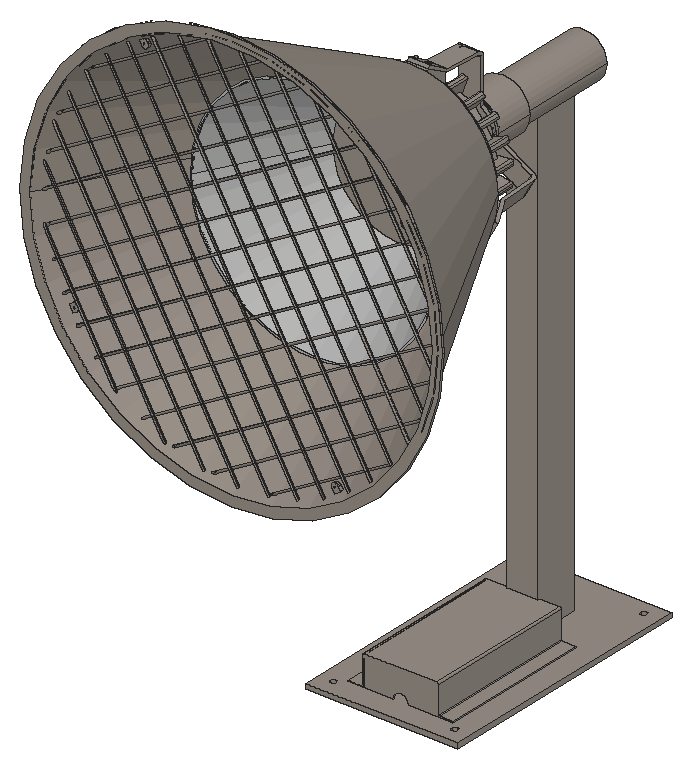
Revit family "Lighting_Wall-Mounted_Zero_City_Wall", category Lighting Fixtures, host Face, Revit 2020
Family settings
  Host = Face
  Round Connector Dimension = Use Diameter
  Part Type = Normal
  OmniClass Number = 23.80.70.00
  OmniClass Title = Lighting
  Cut with Voids When Loaded = No
  Light Source = Yes
  Shared = No
  Room Calculation Point = No
Parameters (values of type "City wall fixture LED 1166LM/18W beige grey")
  Youtube clip = ""
  Weight Net (Kg) = "7.5"
  Wattage = 7.84963 W
  WarrantyStartDate [instance] = "n/a"
  WarrantyGuarantorParts = "n/a"
  WarrantyGuarantorLabor = "n/a"
  WarrantyDurationUnit = "Hours"
  WarrantyDurationParts = "n/a"
  WarrantyDurationLabor = "n/a"
  WarrantyDescription = "n/a"
  built-in parameter 1150110 = 1 (stored number, unit not read)
  VersionDate = "31/08/2023"  # constant formula
  Version = "3"  # constant formula
  UsageCurrent = 0 A
  Uniformat II Description = ""
  Uniformat II Code = ""
  Uniclass2015Reference = "Pr_70_70_48_46"
  Uniclass2015Description = "Light-emitting diode (LED) luminaires"
  Uniclass2 = "Pr_70_70_49_43"
  Uniclass 2015 Name = ""
  Uniclass 2015 Code = ""
  Uniclass 2.0 Description = ""
  Uniclass 2.0 Code = ""
  Uniclass 1.4 Description = ""
  Uniclass 1.4 Code = ""
  URL = "https://www.zerolighting.com/city-1/"
  UNSPSC Code = ""
  TotalWattage = 18 W
  built-in parameter 1114217 = 1 (stored number, unit not read)
  Tilt Angle = 90.00°
  built-in parameter 1150109 = 1 (stored number, unit not read)
  built-in parameter 1150134 = (empty or 0)
  Technical description = ""
  TagNumber [instance] = "n/a"
  SustainabilityPerformance = "n/a"
  built-in parameter 1150113 = 1 (stored number, unit not read)
  Size = "597x912x555 mm"
  Shape = "Sculptured"
  SerialNumber [instance] = "n/a"
  Region South America = "None"
  Region Oceania = "AU, NZ"
  Region North America = "BZ, CR, GT, HN, MX, NI, PA, SV, US"
  Region Middle East = "AE"
  Region Europe = "AD, AL, AT, AX, BA, BE, BG, BY, CH, CY, CZ, DE, DK, EE, ES, FI, FO, FR, GB, GG, GI, GR, HR, HU, IE, IM, IS, IT, JE, LI, LT, LU, LV, MC, MD, ME, MK, MT, NL, NO, PL, PT, RO, RS, RU, SE, SI, SJ, SK, SM, UA, VA"
  Region Asia = "HK, JP, SG"
  Region Antarctica = "None"
  Region Africa = "None"
  Product group = "Wall fixture"
  Product family = "City"
  Product certification = ""
  Product SKU = "City_wall_fixture"
  Product Guid = "ca472281-147d-4245-81fd-3616c7f2952b"
  OmniClass Description = ""
  OmniClass Code = ""
  Nominal width = 555 mm
  Nominal height = 578 mm
  NBS Reference Description = ""
  NBS Reference Code = ""
  Material secondary = "Steel"
  Material main = "Aluminium"
  Masterformat 2014 Description = ""
  Masterformat 2014 Code = ""
  Manufacturer name = ""
  Manufacturer country = "Sweden"
  Installation instructions = ""
  IFC Classification = ""
  GTIN code = ""
  Edition number = 1
  Design country = "Sweden"
  Date of publishing = ""
  ColorTolerance = "SDCM 3"
  Revision = "5"  # constant formula
  ReplacementCost = "n/a"
  ProductInformation = "With its archetypal shape and generous diameter, around half a metre, City has a wide range of applications: outdoor or indoor, enhancing retail environments, industries and public transport."
  ProductDatasheet = "https://www.zerolighting.com/s/City-wall-axpy.pdf"
  Photometric Web File = "City33973.IES"
  PhaseReference = "n/a"
  PhaseAngle = 0.00°
  NumberOfSources = 0
  NumberOfPoles = 1
  NominalVoltageCalc = 230 V
  NominalVoltage = 230 V
  NominalRadius = 0 mm
  NominalFrequencyRange = 50 Hz
  NominalDiameter = 0 mm
  NominalDepth = 597.001 mm
  NominalCurrent = 0 A
  Name = "Zero_City_Wall"  # constant formula
  NBSReference = "90-60-50/405"
  NBSDescription = "General purpose luminaires"
  ModelReference = "3397-3-66"
  ModelNumber = "n/a"
  Model = "City wall fixture LED 1166LM/18W beige grey"
  Material = "Aluminium"
  ManufacturersSpecificInformation = "n/a"
  ManufacturerURL = "https://www.zerolighting.com/"
  ManufacturerName = "ZERO"
  Manufacturer = "Zero"
  MaintenanceFactor = 0
  built-in parameter 1150105 = 925.33 (stored number, unit not read)
  Lumens = 1166 lm
  built-in parameter 1150115 = 1 (stored number, unit not read)
  LightSource = "LED 1166LM/18W"
  LightFixtureSecondaryMaterial = White aluminium
  LightFixturePlacingType = "Wall"
  LightFixtureMountingType = "Surface"
  LightFixtureMainMaterial = Beige aluminium
  built-in parameter 1150137 = (empty or 0)
  built-in parameter 1150139 = (empty or 0)
  Light = "Symmetrical"
  built-in parameter 1150112 = 1 (stored number, unit not read)
  built-in parameter 1150114 = 1 (stored number, unit not read)
  InternalShadeVisibility = yes
  InsulationStandardClass = "n/a"
  InstallationDate [instance] = "n/a"
  built-in parameter 1150132 = 2
  built-in parameter 1150102 = (empty or 0)
  built-in parameter 1150107 = 3000 (stored number, unit not read)
  built-in parameter 1150138 = (empty or 0)
  built-in parameter 1150106 = 9.2533 (stored number, unit not read)
  IfcExportType = "NOTDEFINED"  # constant formula
  IfcExportAs = "IfcLightFixtureType"  # constant formula
  IP_Code = "IP65"
  HasProtectiveEarth = yes
  GridVisibility [instance] = yes
  Grade = "n/a"
  Finish = "Painted aluminum, black (RAL 9005) or beige grey (RAL 7006) as standard. Other colours on request. Symmetrical version with internal shade in white painted aluminum. Can be made without grid on request."
  Features = "Junction box in the wall bracket."
  ExpectedLife = "n/a"
  Emit from Circle Diameter = 323 mm
  Emit Shape Visible in Rendering = no
  ElectricalDeviceNominalPower = 0
  built-in parameter 1150104 = 13.8 (stored number, unit not read)
  DurationUnit = "Hours"
  DimmingType = "n/a"
  Dimming Lamp Color Temperature Shift = <None>
  Designer = "Thomas Bernstrand"
  Description = "With its archetypal shape and generous diameter, around half a metre, City has a wide range of applications: outdoor or indoor, enhancing retail environments, industries and public transport."
  Default Elevation = 0 mm
  Constituents = "n/a"
  Color Filter = 16777215
  Color = "Beige grey"
  Collection = "City"
  CodePerformance = "n/a"
  Category = "Exterior lighting"
  ColorRenderingIndex = ">80"
  COBIe Type Category = ""
  Brand url = "http://www.zero.se"
  Brand = "Zero"
  Barcode [instance] = "n/a"
  built-in parameter 1114218 = 1 (stored number, unit not read)
  BIMObjectName = "Lighting_Wall-Mounted_Zero_City_Wall"  # constant formula
  Author = "BIMstone"  # constant formula
  built-in parameter 1150133 = 10 (stored number, unit not read)
  AssetType = "Fixed"
  AssetIdentifier [instance] = "n/a"
  ArticleNumber = "3397-3-66"
  AccessibilityPerformance = "n/a"
Reference planes
  plane 1 "Center (Front/Back)": y = 0
  plane 2: z = 0
  plane 3 "Center (Left/Right)": x = 0
  plane 4: z = 912
  plane 5: y = 597.001
  plane 6: x = -277.5
  plane 7: x = 277.5
Forms (mm)
  Blend 1, solid, material "Beige aluminium" <- "LightFixtureMainMaterial", detail levels medium+fine
    base sketch origin (0, 0, -6.464) x (1, 0, 0) y (0, 0, 1)
      loop
        circle (0, 641.022) r 269.997
    top sketch origin (0, 0, -6.464) x (1, 0, 0) y (0, 0, 1)
      loop
        circle (0, 641.022) r 115
    from 0 to -293
  Blend 2, void
    base sketch origin (0, 0, -6.464) x (1, 0, 0) y (0, 0, 1)
      loop
        circle (0, 641.022) r 264
    top sketch origin (0, 0, -6.464) x (1, 0, 0) y (0, 0, 1)
      loop
        circle (0, 641.022) r 118
    from 0 to -278.906
  Extrusion 3, solid, material "Beige aluminium" <- "LightFixtureMainMaterial", detail levels medium+fine
    sketch origin (0, 0, -6.464) x (1, 0, 0) y (0, 0, 1)
      loop
        circle (0, 641.022) r 264
      loop
        circle (0, 641.022) r 277.5
    from 0 to -2
  Sweep 4, solid, material "Beige aluminium" <- "LightFixtureMainMaterial", detail levels medium+fine
    path origin (0, 0, -6.464) x (0, 1, 0) y (0, 0, 1)
      loop
        line (393.001, 661.022) -> (393.001, 726.022)
        arc (393.001, 726.022) -> (391.628, 729.464) -> (388.263, 731.015) r 5
        line (388.263, 731.015) -> (337.003, 733.702) -> (306.983, 750.686)
    profile origin (0, 393.001, 687.059) x (0, -1, 0) y (1, 0, 0)
      loop
        line (2, 14.008) -> (-2, 14.008) -> (-2, -13.992) -> (2, -13.992) -> (2, 14.008)
  Sweep 5, void
    path origin (0, 0, -6.464) x (0, 1, 0) y (0, 0, 1)
      loop
        line (320.683, 740.637) -> (322.653, 744.119)
    profile origin (0, 321.668, 735.914) x (0, -0.870356, 0.492424) y (1, 0, 0)
      loop
        circle (0, 0) r 4
  Sweep 6, solid, material "Beige aluminium" <- "LightFixtureMainMaterial", detail levels medium+fine
    path origin (555.181, 0, 955.138) x (0, 1, 0) y (-0.866025, 0, -0.5)
      loop
        line (393.001, 661.022) -> (393.001, 726.022)
        arc (393.001, 726.022) -> (391.628, 729.464) -> (388.263, 731.015) r 5
        line (388.263, 731.015) -> (337.003, 733.702) -> (306.983, 750.686)
    profile origin (-45.427, 393.001, 608.377) x (0, -1, 0) y (-0.5, 0, 0.866025)
      loop
        line (2, 14.008) -> (-2, 14.008) -> (-2, -13.992) -> (2, -13.992) -> (2, 14.008)
  Sweep 7, void
    path origin (555.181, 0, 955.138) x (0, 1, 0) y (-0.866025, 0, -0.5)
      loop
        line (320.683, 740.637) -> (322.653, 744.119)
    profile origin (-87.737, 321.668, 583.949) x (-0.426451, -0.870356, -0.246212) y (-0.5, 0, 0.866025)
      loop
        circle (0, 0) r 4
  Sweep 8, solid, material "Beige aluminium" <- "LightFixtureMainMaterial", detail levels medium+fine
    path origin (-555.218, 0, 955.074) x (0, 1, 0) y (0.866025, 0, -0.5)
      loop
        line (393.001, 661.022) -> (393.001, 726.022)
        arc (393.001, 726.022) -> (391.628, 729.464) -> (388.263, 731.015) r 5
        line (388.263, 731.015) -> (337.003, 733.702) -> (306.983, 750.686)
    profile origin (45.39, 393.001, 608.313) x (0, -1, 0) y (-0.5, 0, -0.866025)
      loop
        line (2, 14.008) -> (-2, 14.008) -> (-2, -13.992) -> (2, -13.992) -> (2, 14.008)
  Sweep 9, void
    path origin (-555.144, 0, 955.074) x (0, 1, 0) y (0.866025, 0, -0.5)
      loop
        line (320.683, 740.637) -> (322.653, 744.119)
    profile origin (87.774, 321.668, 583.885) x (0.426451, -0.870356, -0.246212) y (-0.5, 0, -0.866025)
      loop
        circle (0, 0) r 4
  Extrusion 10, solid, material "Beige aluminium" <- "LightFixtureMainMaterial", detail levels medium+fine
    sketch origin (0, 0, -6.464) x (1, 0, 0) y (0, 0, 1)
      loop
        circle (0, 641.015) r 30
    from -391.001 to -578
  Extrusion 11, solid, material "Beige aluminium" <- "LightFixtureMainMaterial", detail levels medium+fine
    sketch origin (0, 0, -6.464) x (1, 0, 0) y (0, 0, 1)
      loop
        circle (0, 641.015) r 32.048
      loop
        circle (0, 641.015) r 35
    from -395.001 to -445
  Extrusion 12, solid, material "Beige aluminium" <- "LightFixtureMainMaterial", visible <- "GridVisibility", detail levels medium+fine
    sketch origin (-240.425, -4572, 717.497) x (-0.5, 0, 0.866025) y (0, -1, 0)
      loop
        circle (-247.977, -4585.77) r 1.25
      loop
        circle (-210.977, -4585.77) r 1.25
      loop
        circle (-173.977, -4585.77) r 1.25
      loop
        circle (-136.977, -4585.77) r 1.25
      loop
        circle (-99.977, -4585.77) r 1.25
      loop
        circle (-62.977, -4585.77) r 1.25
      loop
        circle (-25.977, -4585.77) r 1.25
      loop
        circle (11.023, -4585.77) r 1.25
      loop
        circle (48.023, -4585.77) r 1.25
      loop
        circle (-321.977, -4585.77) r 1.25
      loop
        circle (-284.977, -4585.77) r 1.25
      loop
        circle (-395.977, -4585.77) r 1.25
      loop
        circle (-358.977, -4585.77) r 1.25
      loop
        circle (-432.977, -4585.77) r 1.25
    from -114.974 to 442.197
  Extrusion 13, solid, material "Beige aluminium" <- "LightFixtureMainMaterial", visible <- "GridVisibility", detail levels medium+fine
    sketch origin (-83.435, -4574.5, 393.636) x (-0.866025, 0, -0.5) y (0, -1, 0)
      loop
        circle (-247.977, -4585.77) r 1.25
      loop
        circle (-210.977, -4585.77) r 1.25
      loop
        circle (-173.977, -4585.77) r 1.25
      loop
        circle (-136.977, -4585.77) r 1.25
      loop
        circle (-99.977, -4585.77) r 1.25
      loop
        circle (-62.977, -4585.77) r 1.25
      loop
        circle (-25.977, -4585.77) r 1.25
      loop
        circle (11.023, -4585.77) r 1.25
      loop
        circle (48.023, -4585.77) r 1.25
      loop
        circle (-321.977, -4585.77) r 1.25
      loop
        circle (-284.977, -4585.77) r 1.25
      loop
        circle (-395.977, -4585.77) r 1.25
      loop
        circle (-358.977, -4585.77) r 1.25
      loop
        circle (-432.977, -4585.77) r 1.25
    from -108.544 to 442.197
  Revolve 14, void
    sketch origin (0, 0, -6.964) x (0, 1, 0) y (0, 0, 1)
      loop
        line (0, 905.022) -> (293, 754.022) -> (293, 877.771) -> (0, 1028.771) -> (0, 905.022)
      axis (293, 641.022) -> (0, 641.022)
    angle from 0 to 360
  Extrusion 15, solid, material "Beige aluminium" <- "LightFixtureMainMaterial", detail levels medium+fine
    sketch origin (0, 0, -6.464) x (1, 0, 0) y (0, 0, 1)
      loop
        line (-133.12, 861.606) -> (-129.322, 855.029)
        arc (-129.322, 855.029) -> (-122.492, 853.198) -> (-120.662, 860.029) r 5
        line (-120.662, 860.029) -> (-124.459, 866.606) -> (-133.12, 861.606)
      loop
        circle (-124.992, 857.529) r 1.25
      loop
        line (221.516, 774.684) -> (214.014, 770.352)
        arc (214.014, 770.352) -> (212.184, 763.522) -> (219.014, 761.692) r 5
        line (219.014, 761.692) -> (226.516, 766.023) -> (221.516, 774.684)
      loop
        circle (216.514, 766.022) r 1.25
      loop
        line (133.67, 419.514) -> (129.338, 427.016)
        arc (129.338, 427.016) -> (122.508, 428.846) -> (120.678, 422.016) r 5
        line (120.678, 422.016) -> (125.009, 414.514) -> (133.67, 419.514)
      loop
        circle (125.008, 424.516) r 1.25
      loop
        line (-221.5, 507.361) -> (-213.998, 511.692)
        arc (-213.998, 511.692) -> (-212.168, 518.522) -> (-218.998, 520.352) r 5
        line (-218.998, 520.352) -> (-226.5, 516.021) -> (-221.5, 507.361)
      loop
        circle (-216.498, 516.022) r 1.25
    from -14 to -17
  Extrusion 16, solid, material "Beige aluminium" <- "LightFixtureMainMaterial", detail levels medium+fine
    sketch origin (0, 0, -6.002) x (1, 0, 0) y (0, 1, 0)
      loop
        line (-20, 477.001) -> (20, 477.001) -> (20, 537.001) -> (-20, 537.001) -> (-20, 477.001)
    from 12.026 to 631.002
  Extrusion 17, solid, material "Beige aluminium" <- "LightFixtureMainMaterial", detail levels medium+fine
    sketch origin (0, 0, -6.002) x (1, 0, 0) y (0, 0, 1)
      loop
        line (69.01, 13.041) -> (51.01, 13.041)
        arc (51.01, 13.041) -> (50.303, 13.334) -> (50.01, 14.04) r 1
        line (50.01, 14.04) -> (50, 50.036)
        arc (50, 50.036) -> (49.414, 51.449) -> (48, 52.035) r 2
        line (48, 52.035) -> (-48, 52.035)
        arc (-48, 52.035) -> (-49.414, 51.449) -> (-50, 50.035) r 2
        line (-50, 50.035) -> (-50, 14.009)
        arc (-50, 14.009) -> (-50.293, 13.302) -> (-51, 13.009) r 1
        line (-51, 13.009) -> (-68.99, 13.009) -> (-68.99, 12.041) -> (69.01, 12.041) -> (69.01, 13.041)
    from -478.501 to -277.521
  Extrusion 18, solid, material "Beige aluminium" <- "LightFixtureMainMaterial", detail levels medium+fine
    sketch origin (0, 0, -6.002) x (1, 0, 0) y (0, 1, 0)
      loop
        line (100, 597.001) -> (-100, 597.001) -> (-100, 247.001) -> (100, 247.001) -> (100, 597.001)
      loop
        circle (-79.998, 577.001) r 3.999
      loop
        circle (79.645, 577.001) r 3.999
      loop
        circle (-79.998, 267.001) r 3.999
      loop
        circle (79.645, 267.001) r 3.999
      loop
        circle (0, 317.001) r 20
    from 6.002 to 12.026
  Extrusion 19, void
    sketch origin (0, 0, -6.002) x (1, 0, 0) y (0, 0, 1)
      loop
        line (-9.823, 12.026) -> (10.176, 12.026)
        arc (10.176, 12.026) -> (0.177, 22.025) -> (-9.823, 12.026) r 9.999
    from -269.871 to -328.24
  Revolve 20, solid, material "Beige aluminium" <- "LightFixtureMainMaterial", detail levels medium+fine
    sketch origin (0, 0, -6.464) x (0, 1, 0) y (0, 0, 1)
      loop
        line (293, 641.022) -> (335.501, 641.022) -> (335.501, 721.485) -> (301.001, 721.485) -> (301.001, 748.945) -> (293, 748.945) -> (293, 641.022)
      axis (335.501, 641.022) -> (293, 641.022)
    angle from 0 to 360
  Extrusion 21, solid, material "Beige aluminium" <- "LightFixtureMainMaterial", detail levels medium+fine
    sketch origin (0, 0, -6.964) x (0, 1, 0) y (0, 0, 1)
      loop
        line (332.001, 713.945) -> (332.001, 734.734) -> (303.895, 750.636) -> (301.001, 750.636) -> (301.001, 713.945) -> (332.001, 713.945)
    from -13.992 to 14.008
  Extrusion 22, solid, material "Beige aluminium" <- "LightFixtureMainMaterial", detail levels medium+fine
    sketch origin (0, 0, -6.464) x (1, 0, 0) y (0, 0, 1)
      loop
        arc (-28.944, 708.716) -> (-27.93, 707.598) -> (-26.425, 707.507) r 2
        arc (-26.425, 707.507) -> (-24.492, 708.186) -> (-22.577, 708.911) r 85.604
        arc (-22.577, 708.911) -> (-21.484, 709.951) -> (-21.429, 711.459) r 2
        line (-21.429, 711.459) -> (-28.572, 731.029)
        arc (-28.572, 731.029) -> (-29.585, 732.146) -> (-31.091, 732.238) r 2
        arc (-31.091, 732.238) -> (-33.023, 731.558) -> (-34.939, 730.833) r 85.604
        arc (-34.939, 730.833) -> (-36.032, 729.793) -> (-36.087, 728.286) r 2
        line (-36.087, 728.286) -> (-28.944, 708.716)
      loop
        arc (-46.513, 698.092) -> (-45.231, 697.297) -> (-43.758, 697.624) r 2
        arc (-43.758, 697.624) -> (-42.088, 698.81) -> (-40.447, 700.035) r 85.604
        arc (-40.447, 700.035) -> (-39.683, 701.336) -> (-40.045, 702.8) r 2
        line (-40.045, 702.8) -> (-52.306, 719.643)
        arc (-52.306, 719.643) -> (-53.588, 720.438) -> (-55.061, 720.111) r 2
        arc (-55.061, 720.111) -> (-56.731, 718.925) -> (-58.372, 717.7) r 85.604
        arc (-58.372, 717.7) -> (-59.136, 716.399) -> (-58.774, 714.935) r 2
        line (-58.774, 714.935) -> (-46.513, 698.092)
      loop
        arc (-60.473, 683.037) -> (-59.022, 682.626) -> (-57.696, 683.347) r 2
        arc (-57.696, 683.347) -> (-56.418, 684.947) -> (-55.178, 686.577) r 85.604
        arc (-55.178, 686.577) -> (-54.802, 688.038) -> (-55.554, 689.346) r 2
        line (-55.554, 689.346) -> (-71.982, 702.157)
        arc (-71.982, 702.157) -> (-73.434, 702.567) -> (-74.759, 701.847) r 2
        arc (-74.759, 701.847) -> (-76.038, 700.247) -> (-77.278, 698.617) r 85.604
        arc (-77.278, 698.617) -> (-77.653, 697.156) -> (-76.902, 695.848) r 2
        line (-76.902, 695.848) -> (-60.473, 683.037)
      loop
        arc (-69.743, 664.717) -> (-68.235, 664.723) -> (-67.159, 665.781) r 2
        arc (-67.159, 665.781) -> (-66.371, 667.671) -> (-65.628, 669.579) r 85.604
        arc (-65.628, 669.579) -> (-65.67, 671.087) -> (-66.753, 672.137) r 2
        line (-66.753, 672.137) -> (-86.076, 679.924)
        arc (-86.076, 679.924) -> (-87.585, 679.918) -> (-88.66, 678.861) r 2
        arc (-88.66, 678.861) -> (-89.448, 676.97) -> (-90.191, 675.062) r 85.604
        arc (-90.191, 675.062) -> (-90.149, 673.554) -> (-89.066, 672.504) r 2
        line (-89.066, 672.504) -> (-69.743, 664.717)
      loop
        arc (-73.604, 644.552) -> (-72.156, 644.973) -> (-71.413, 646.286) r 2
        arc (-71.413, 646.286) -> (-71.177, 648.321) -> (-70.989, 650.36) r 85.604
        arc (-70.989, 650.36) -> (-71.445, 651.798) -> (-72.775, 652.509) r 2
        line (-72.775, 652.509) -> (-93.496, 654.668)
        arc (-93.496, 654.668) -> (-94.945, 654.247) -> (-95.687, 652.933) r 2
        arc (-95.687, 652.933) -> (-95.923, 650.899) -> (-96.111, 648.86) r 85.604
        arc (-96.111, 648.86) -> (-95.656, 647.421) -> (-94.325, 646.711) r 2
        line (-94.325, 646.711) -> (-73.604, 644.552)
      loop
        arc (-71.757, 624.104) -> (-70.481, 624.908) -> (-70.129, 626.375) r 2
        arc (-70.129, 626.375) -> (-70.463, 628.396) -> (-70.844, 630.408) r 85.604
        arc (-70.844, 630.408) -> (-71.679, 631.665) -> (-73.154, 631.981) r 2
        line (-73.154, 631.981) -> (-93.667, 628.345)
        arc (-93.667, 628.345) -> (-94.943, 627.541) -> (-95.295, 626.073) r 2
        arc (-95.295, 626.073) -> (-94.961, 624.053) -> (-94.58, 622.041) r 85.604
        arc (-94.58, 622.041) -> (-93.746, 620.784) -> (-92.27, 620.467) r 2
        line (-92.27, 620.467) -> (-71.757, 624.104)
      loop
        arc (-44.158, 582.099) -> (-43.697, 583.536) -> (-44.371, 584.885) r 2
        arc (-44.371, 584.885) -> (-45.925, 586.219) -> (-47.511, 587.515) r 85.604
        arc (-47.511, 587.515) -> (-48.958, 587.942) -> (-50.291, 587.236) r 2
        line (-50.291, 587.236) -> (-63.668, 571.265)
        arc (-63.668, 571.265) -> (-64.129, 569.828) -> (-63.455, 568.479) r 2
        arc (-63.455, 568.479) -> (-61.901, 567.145) -> (-60.315, 565.849) r 85.604
        arc (-60.315, 565.849) -> (-58.868, 565.422) -> (-57.535, 566.128) r 2
        line (-57.535, 566.128) -> (-44.158, 582.099)
      loop
        arc (-26.173, 572.196) -> (-26.126, 573.703) -> (-27.146, 574.815) r 2
        arc (-27.146, 574.815) -> (-29.007, 575.669) -> (-30.889, 576.478) r 85.604
        arc (-30.889, 576.478) -> (-32.397, 576.489) -> (-33.484, 575.443) r 2
        line (-33.484, 575.443) -> (-41.941, 556.403)
        arc (-41.941, 556.403) -> (-41.988, 554.896) -> (-40.968, 553.784) r 2
        arc (-40.968, 553.784) -> (-39.106, 552.93) -> (-37.225, 552.121) r 85.604
        arc (-37.225, 552.121) -> (-35.716, 552.11) -> (-34.629, 553.156) r 2
        line (-34.629, 553.156) -> (-26.173, 572.196)
      loop
        arc (-6.155, 567.633) -> (-6.525, 569.096) -> (-7.812, 569.883) r 2
        arc (-7.812, 569.883) -> (-9.837, 570.191) -> (-11.868, 570.45) r 85.604
        arc (-11.868, 570.45) -> (-13.321, 570.044) -> (-14.078, 568.739) r 2
        line (-14.078, 568.739) -> (-16.959, 548.107)
        arc (-16.959, 548.107) -> (-16.588, 546.644) -> (-15.302, 545.857) r 2
        arc (-15.302, 545.857) -> (-13.277, 545.549) -> (-11.245, 545.29) r 85.604
        arc (-11.245, 545.29) -> (-9.792, 545.695) -> (-9.036, 547) r 2
        line (-9.036, 547) -> (-6.155, 567.633)
      loop
        arc (14.345, 568.765) -> (13.586, 570.069) -> (12.132, 570.471) r 2
        arc (12.132, 570.471) -> (10.101, 570.209) -> (8.077, 569.898) r 85.604
        arc (8.077, 569.898) -> (6.792, 569.108) -> (6.424, 567.645) r 2
        line (6.424, 567.645) -> (9.342, 547.017)
        arc (9.342, 547.017) -> (10.101, 545.713) -> (11.555, 545.311) r 2
        arc (11.555, 545.311) -> (13.586, 545.574) -> (15.611, 545.885) r 85.604
        arc (15.611, 545.885) -> (16.896, 546.675) -> (17.263, 548.138) r 2
        line (17.263, 548.138) -> (14.345, 568.765)
      loop
        arc (33.739, 575.504) -> (32.65, 576.548) -> (31.142, 576.534) r 2
        arc (31.142, 576.534) -> (29.262, 575.722) -> (27.402, 574.865) r 85.604
        arc (27.402, 574.865) -> (26.384, 573.751) -> (26.434, 572.243) r 2
        line (26.434, 572.243) -> (34.925, 553.22)
        arc (34.925, 553.22) -> (36.014, 552.176) -> (37.522, 552.189) r 2
        arc (37.522, 552.189) -> (39.402, 553.002) -> (41.262, 553.859) r 85.604
        arc (41.262, 553.859) -> (42.28, 554.972) -> (42.23, 556.48) r 2
        line (42.23, 556.48) -> (33.739, 575.504)
      loop
        arc (50.525, 587.328) -> (49.19, 588.031) -> (47.744, 587.602) r 2
        arc (47.744, 587.602) -> (46.161, 586.303) -> (44.609, 584.966) r 85.604
        arc (44.609, 584.966) -> (43.938, 583.615) -> (44.401, 582.18) r 2
        line (44.401, 582.18) -> (57.807, 566.233)
        arc (57.807, 566.233) -> (59.141, 565.53) -> (60.588, 565.959) r 2
        arc (60.588, 565.959) -> (62.171, 567.258) -> (63.723, 568.594) r 85.604
        arc (63.723, 568.594) -> (64.394, 569.945) -> (63.93, 571.381) r 2
        line (63.93, 571.381) -> (50.525, 587.328)
      loop
        arc (73.102, 632.231) -> (71.628, 631.912) -> (70.796, 630.654) r 2
        arc (70.796, 630.654) -> (70.418, 628.641) -> (70.088, 626.62) r 85.604
        arc (70.088, 626.62) -> (70.442, 625.154) -> (71.72, 624.352) r 2
        line (71.72, 624.352) -> (92.24, 620.753)
        arc (92.24, 620.753) -> (93.714, 621.072) -> (94.546, 622.33) r 2
        arc (94.546, 622.33) -> (94.924, 624.343) -> (95.254, 626.364) r 85.604
        arc (95.254, 626.364) -> (94.9, 627.831) -> (93.622, 628.633) r 2
        line (93.622, 628.633) -> (73.102, 632.231)
      loop
        arc (72.686, 652.759) -> (71.357, 652.046) -> (70.904, 650.607) r 2
        arc (70.904, 650.607) -> (71.095, 648.568) -> (71.336, 646.534) r 85.604
        arc (71.336, 646.534) -> (72.08, 645.222) -> (73.53, 644.803) r 2
        line (73.53, 644.803) -> (94.246, 647)
        arc (94.246, 647) -> (95.576, 647.713) -> (96.029, 649.152) r 2
        arc (96.029, 649.152) -> (95.837, 651.191) -> (95.597, 653.225) r 85.604
        arc (95.597, 653.225) -> (94.852, 654.537) -> (93.403, 654.955) r 2
        line (93.403, 654.955) -> (72.686, 652.759)
      loop
        arc (66.628, 672.376) -> (65.547, 671.324) -> (65.508, 669.816) r 2
        arc (65.508, 669.816) -> (66.254, 667.909) -> (67.046, 666.02) r 85.604
        arc (67.046, 666.02) -> (68.123, 664.964) -> (69.632, 664.961) r 2
        line (69.632, 664.961) -> (88.941, 672.783)
        arc (88.941, 672.783) -> (90.022, 673.835) -> (90.061, 675.343) r 2
        arc (90.061, 675.343) -> (89.315, 677.25) -> (88.523, 679.139) r 85.604
        arc (88.523, 679.139) -> (87.446, 680.195) -> (85.937, 680.198) r 2
        line (85.937, 680.198) -> (66.628, 672.376)
      loop
        arc (55.398, 689.564) -> (54.648, 688.255) -> (55.027, 686.794) r 2
        arc (55.027, 686.794) -> (56.27, 685.167) -> (57.551, 683.569) r 85.604
        arc (57.551, 683.569) -> (58.878, 682.851) -> (60.329, 683.264) r 2
        line (60.329, 683.264) -> (76.734, 696.105)
        arc (76.734, 696.105) -> (77.483, 697.414) -> (77.105, 698.875) r 2
        arc (77.105, 698.875) -> (75.862, 700.503) -> (74.58, 702.1) r 85.604
        arc (74.58, 702.1) -> (73.254, 702.818) -> (71.803, 702.405) r 2
        line (71.803, 702.405) -> (55.398, 689.564)
      loop
        arc (39.865, 702.99) -> (39.505, 701.525) -> (40.271, 700.226) r 2
        arc (40.271, 700.226) -> (41.915, 699.004) -> (43.587, 697.821) r 85.604
        arc (43.587, 697.821) -> (45.06, 697.497) -> (46.341, 698.294) r 2
        line (46.341, 698.294) -> (58.571, 715.159)
        arc (58.571, 715.159) -> (58.931, 716.624) -> (58.165, 717.924) r 2
        arc (58.165, 717.924) -> (56.521, 719.146) -> (54.849, 720.328) r 85.604
        arc (54.849, 720.328) -> (53.376, 720.653) -> (52.095, 719.856) r 2
        line (52.095, 719.856) -> (39.865, 702.99)
      loop
        arc (21.233, 711.615) -> (21.291, 710.108) -> (22.386, 709.07) r 2
        arc (22.386, 709.07) -> (24.302, 708.348) -> (26.236, 707.672) r 85.604
        arc (26.236, 707.672) -> (27.741, 707.767) -> (28.753, 708.886) r 2
        line (28.753, 708.886) -> (35.86, 728.469)
        arc (35.86, 728.469) -> (35.802, 729.976) -> (34.707, 731.014) r 2
        arc (34.707, 731.014) -> (32.791, 731.736) -> (30.857, 732.411) r 85.604
        arc (30.857, 732.411) -> (29.352, 732.317) -> (28.34, 731.198) r 2
        line (28.34, 731.198) -> (21.233, 711.615)
    from -301.001 to -342
  Extrusion 23, solid, material "Beige aluminium" <- "LightFixtureMainMaterial", detail levels medium+fine
    sketch origin (0, 0, -6.464) x (1, 0, 0) y (0, 0, 1)
      loop
        circle (50.008, 641.022) r 7.136
      loop
        circle (50.008, 641.022) r 14.165
      loop
        circle (0.008, 641.022) r 14.159
      loop
        circle (0.008, 641.022) r 2
      loop
        circle (-49.992, 641.022) r 7.136
      loop
        circle (-49.992, 641.022) r 14.165
    from -339.481 to -325.501
  Blend 24, solid, material "White aluminium" <- "LightFixtureSecondaryMaterial", visible <- "InternalShadeVisibility", detail levels medium+fine
    base sketch origin (0, 0, -6.964) x (1, 0, 0) y (0, 0, 1)
      loop
        circle (0, 641.022) r 161.492
    top sketch origin (0, 0, -6.964) x (1, 0, 0) y (0, 0, 1)
      loop
        circle (0, 641.022) r 87.621
    from -134.5 to -272.399
  Blend 25, void
    base sketch origin (0, 0, -6.964) x (1, 0, 0) y (0, 0, 1)
      loop
        circle (0, 641.022) r 159.492
    top sketch origin (0, 0, -6.964) x (1, 0, 0) y (0, 0, 1)
      loop
        circle (0, 641.022) r 85.621
    from -134.457 to -272.399
  Extrusion 26, solid, material "Beige aluminium" <- "LightFixtureMainMaterial", detail levels medium+fine
    sketch origin (555.136, 0, 954.56) x (0, 1, 0) y (-0.866025, 0, -0.5)
      loop
        line (332.001, 713.945) -> (332.001, 734.234) -> (304.863, 749.588) -> (301.001, 749.588) -> (301.001, 713.945) -> (332.001, 713.945)
    from -13.992 to 14.008
  Extrusion 27, solid, material "Beige aluminium" <- "LightFixtureMainMaterial", detail levels medium+fine
    sketch origin (-555.136, 0, 954.56) x (0, 1, 0) y (0.866025, 0, -0.5)
      loop
        line (332.001, 713.945) -> (332.001, 734.234) -> (303.237, 750.507) -> (301.001, 750.507) -> (301.001, 713.945) -> (332.001, 713.945)
    from -13.992 to 14.008
  Extrusion 28, void
    sketch origin (0, 0, 0) x (1, 0, 0) y (0, 0, 1)
      loop
        arc (-47.834, 44.033) -> (-48.541, 43.74) -> (-48.834, 43.033) r 1
        line (-48.834, 43.033) -> (-48.834, 6.039) -> (49.187, 6.039) -> (49.166, 43.034)
        arc (49.166, 43.034) -> (48.873, 43.741) -> (48.166, 44.033) r 1
        line (48.166, 44.033) -> (-47.834, 44.033)
    from -476.501 to -278.945
  Extrusion 29, void
    sketch origin (0, 0, 0) x (1, 0, 0) y (0, 0, 1)
      loop
        circle (0, 634.559) r 107.923
      loop
        circle (0, 634.559) r 117.923
    from -293 to -477.038
  Extrusion 30, solid, material "Beige aluminium" <- "LightFixtureMainMaterial", detail levels coarse
    sketch origin (0, 0, 0) x (1, 0, 0) y (0, 1, 0)
      loop
        line (-277.5, 597.001) -> (-277.5, 0) -> (277.5, 0) -> (277.5, 597.001) -> (-277.5, 597.001)
    from 0 to 912
Cuts and joins
  Revolve 14 cuts Extrusion 12
  Revolve 14 cuts Extrusion 13
  joined: Extrusion 12, Extrusion 13
  Blend 25 cuts Blend 24
  Blend 2 cuts Blend 1
  Blend 2 cuts Extrusion 3
  Extrusion 29 cuts Extrusion 21
  Extrusion 29 cuts Extrusion 26
  Extrusion 29 cuts Extrusion 27
  joined: Blend 1, Extrusion 3, Extrusion 15, Revolve 20, Extrusion 21, Extrusion 22, Extrusion 23, Extrusion 26, Extrusion 27
  Sweep 5 cuts Sweep 4
  Sweep 7 cuts Sweep 6
  Sweep 9 cuts Sweep 8
  Extrusion 19, Extrusion 28 cuts Extrusion 17
  joined: Sweep 4, Sweep 6, Sweep 8, Extrusion 10, Extrusion 11, Extrusion 16, Extrusion 17, Extrusion 18
Lines and regions (mm)
  symbolic lines, detail levels medium+fine
    curve 1: line (0, 597.001, 0) -> (0, 597.001, 6.024)
    curve 2: line (0, 597.001, 6.024) -> (0, 537.001, 6.024)
    curve 3: line (0, 537.001, 6.024) -> (0, 537.001, 604.552)
    curve 4: line (0, 537.001, 604.552) -> (0, 578, 604.552)
    curve 5: line (0, 578, 604.552) -> (0, 578, 664.552)
    curve 6: line (0, 578, 664.552) -> (0, 445, 664.552)
    curve 7: line (0, 445, 664.552) -> (0, 445, 669.552)
    curve 8: line (0, 445, 669.552) -> (0, 395.001, 669.552)
    curve 9: line (0, 395.001, 669.552) -> (0, 395.001, 719.559)
    curve 10: arc (0, 395.001, 719.559) -> (0, 393.079, 724.377) -> (0, 388.367, 726.549) r 7
    curve 11: line (0, 388.367, 726.549) -> (0, 337.578, 729.211)
    curve 12: line (0, 337.578, 729.211) -> (0, 307.968, 745.963)
    curve 13: line (0, 307.968, 745.963) -> (0, 305.998, 742.482)
    curve 14: line (0, 305.998, 742.482) -> (0, 293, 742.482)
    curve 15: line (0, 293, 742.482) -> (0, 293, 749.559)
    curve 16: line (0, 293, 749.559) -> (0, 2, 903.498)
    curve 17: line (0, 2, 903.498) -> (0, 2, 912)
    curve 18: line (0, 2, 912) -> (0, 0, 912)
    curve 19: line (0, 2, 365.619) -> (0, 2, 357.117)
    curve 20: line (0, 2, 357.117) -> (0, 0, 357.117)
    curve 21: line (0, 0, 357.117) -> (0, 0, 912)
    curve 22: line (0, 2, 365.619) -> (0, 293, 519.559)
    curve 23: line (0, 293, 519.559) -> (0, 293, 526.636)
    curve 24: line (0, 293, 526.636) -> (0, 301.001, 526.636)
    curve 25: line (0, 301.001, 526.636) -> (0, 301.001, 538.813)
    curve 26: line (0, 301.001, 538.813) -> (0, 342, 538.847)
    curve 27: line (0, 342, 538.847) -> (0, 342, 575.221)
    curve 28: line (0, 388.367, 576.436) -> (0, 342, 575.221)
    curve 29: spline (0, 395.001, 579.932) -> (0, 394.945, 579.49) -> (0, 394.778, 579.055) -> (0, 394.503, 578.635) -> (0, 394.123, 578.235) -> (0, 393.646, 577.862) -> (0, 393.079, 577.522) -> (0, 392.43, 577.221) -> (0, 391.71, 576.964) -> (0, 390.932, 576.753) -> (0, 390.106, 576.594) -> (0, 389.247, 576.488) -> (0, 388.367, 576.436)
    curve 30: line (0, 445, 599.552) -> (0, 395.001, 599.552)
    curve 31: line (0, 395.001, 579.932) -> (0, 395.001, 599.552)
    curve 32: line (0, 477.001, 604.552) -> (0, 445, 604.552)
    curve 33: line (0, 445, 604.552) -> (0, 445, 599.552)
    curve 34: line (0, 477.001, 604.552) -> (0, 477.001, 46.033)
    curve 35: line (0, 477.001, 46.033) -> (0, 277.521, 46.033)
    curve 36: line (0, 277.521, 46.033) -> (0, 277.521, 6.039)
    curve 37: line (0, 277.521, 6.039) -> (0, 247.001, 6.039)
    curve 38: line (0, 247.001, 6.039) -> (0, 247.001, 0)
    curve 39: line (0, 247.001, 0) -> (0, 597.001, 0)
    curve 104: line (-277.5, 0, 0) -> (-277.5, 2, 0)
    curve 105: line (-277.5, 2, 0) -> (-268.939, 2, 0)
    curve 106: line (-268.939, 2, 0) -> (-115, 293, 0)
    curve 107: line (-115, 293, 0) -> (-107.923, 293, 0)
    curve 108: line (-107.923, 293, 0) -> (-107.923, 301.001, 0)
    curve 109: line (-107.923, 301.001, 0) -> (-100, 301.001, 0)
    curve 110: line (-100, 301.001, 0) -> (-100, 305.998, 0)
    curve 111: line (-103.443, 307.968, 0) -> (-100, 305.998, 0)
    curve 112: line (-103.443, 307.968, 0) -> (-100, 314.996, 0)
    curve 113: line (-100, 314.996, 0) -> (-100, 597.001, 0)
    curve 114: line (-100, 597.001, 0) -> (100, 597.001, 0)
    curve 115: line (100, 597.001, 0) -> (100, 314.904, 0)
    curve 116: line (100, 314.904, 0) -> (103.398, 307.968, 0)
    curve 117: line (103.398, 307.968, 0) -> (99.987, 305.998, 0)
    curve 118: line (99.987, 305.998, 0) -> (99.987, 301.001, 0)
    curve 119: line (99.987, 301.001, 0) -> (107.923, 301.001, 0)
    curve 120: line (107.923, 301.001, 0) -> (107.923, 293, 0)
    curve 121: line (107.923, 293, 0) -> (115, 293, 0)
    curve 122: line (115, 293, 0) -> (268.939, 2, 0)
    curve 123: line (268.939, 2, 0) -> (277.5, 2, 0)
    curve 124: line (277.5, 2, 0) -> (277.5, 0, 0)
    curve 125: line (277.5, 0, 0) -> (-277.5, 0, 0)
    curve 213: line (-100, 0, 0) -> (-100, 0, 6.024)
    curve 214: line (-100, 0, 6.024) -> (-68.99, 0, 6.024)
    curve 215: line (-68.99, 0, 6.024) -> (-68.99, 0, 7.007)
    curve 216: line (-68.99, 0, 7.007) -> (-51, 0, 7.007)
    curve 217: arc (-50, 0, 8.007) -> (-50.293, 0, 7.3) -> (-51, 0, 7.007) r 1
    curve 218: line (-50, 0, 44.033) -> (-50, 0, 8.007)
    curve 219: arc (-48, 0, 46.033) -> (-49.414, 0, 45.447) -> (-50, 0, 44.033) r 2
    curve 220: line (-20, 0, 46.033) -> (-48, 0, 46.033)
    curve 221: line (-20, 0, 46.033) -> (-20, 0, 357.78)
    curve 222: line (100, 0, 0) -> (100, 0, 6.024)
    curve 223: line (100, 0, 6.024) -> (69.01, 0, 6.024)
    curve 224: line (69.01, 0, 6.024) -> (69.01, 0, 7.007)
    curve 225: line (69.01, 0, 7.007) -> (51.003, 0, 7.007)
    curve 226: arc (50.003, 0, 8.007) -> (50.296, 0, 7.3) -> (51.003, 0, 7.007) r 1
    curve 227: line (50.003, 0, 44.033) -> (50.003, 0, 8.007)
    curve 228: arc (48.003, 0, 46.033) -> (49.417, 0, 45.447) -> (50.003, 0, 44.033) r 2
    curve 229: line (20, 0, 46.033) -> (48.003, 0, 46.033)
    curve 230: line (20, 0, 46.033) -> (20, 0, 357.78)
    curve 231: line (-100, 0, 0) -> (100, 0, 0)
    curve 232: arc (277.5, 0, 634.559) -> (0, 0, 912.059) -> (-277.5, 0, 634.559) r 277.5
    curve 233: arc (-277.5, 0, 634.559) -> (-203.17, 0, 445.54) -> (-20, 0, 357.78) r 277.5
    curve 234: arc (20, 0, 357.78) -> (203.17, 0, 445.54) -> (277.5, 0, 634.559) r 277.5
  symbolic lines, detail levels fine
    curve 40: line (0, 537.001, 6.024) -> (0, 277.521, 6.039)
    curve 41: line (0, 478.501, 7.007) -> (0, 277.521, 7.007)
    curve 42: line (0, 478.501, 6.024) -> (0, 478.501, 46.033)
    curve 43: line (0, 478.501, 46.033) -> (0, 477.001, 46.033)
    curve 44: line (0, 537.001, 604.552) -> (0, 537.001, 612.035)
    curve 45: line (0, 537.001, 612.035) -> (0, 477.001, 612.035)
    curve 46: line (0, 477.001, 612.035) -> (0, 477.001, 604.552)
    curve 47: line (0, 445, 604.552) -> (0, 445, 664.552)
    curve 48: line (0, 395.001, 599.552) -> (0, 395.001, 669.552)
    curve 49: line (0, 391.001, 661.089) -> (0, 395.001, 661.089)
    curve 50: line (0, 395.001, 633.47) -> (0, 391.001, 633.47)
    curve 51: line (0, 391.001, 719.559) -> (0, 391.001, 604.552)
    curve 52: spline (0, 395.001, 604.259) -> (0, 394.945, 603.817) -> (0, 394.778, 603.382) -> (0, 394.503, 602.962) -> (0, 394.123, 602.562) -> (0, 393.646, 602.189) -> (0, 393.079, 601.849) -> (0, 392.43, 601.548) -> (0, 391.71, 601.29) -> (0, 390.932, 601.08) -> (0, 390.106, 600.921) -> (0, 389.247, 600.814) -> (0, 388.367, 600.763)
    curve 53: line (0, 388.367, 600.763) -> (0, 337.578, 599.433)
    curve 54: spline (0, 388.158, 602.761) -> (0, 388.535, 602.783) -> (0, 388.903, 602.828) -> (0, 389.257, 602.896) -> (0, 389.591, 602.987) -> (0, 389.899, 603.097) -> (0, 390.177, 603.226) -> (0, 390.42, 603.372) -> (0, 390.625, 603.531) -> (0, 390.787, 603.703) -> (0, 390.905, 603.883) -> (0, 390.977, 604.069) -> (0, 391.001, 604.259)
    curve 55: line (0, 336.428, 601.405) -> (0, 388.158, 602.761)
    curve 56: line (0, 305.998, 592.797) -> (0, 336.428, 601.405)
    curve 57: line (0, 337.578, 599.433) -> (0, 307.968, 591.056)
    curve 58: line (0, 337.578, 575.184) -> (0, 337.578, 599.433)
    curve 59: line (0, 307.968, 591.056) -> (0, 305.998, 592.797)
    curve 60: line (0, 305.998, 568.548) -> (0, 305.998, 592.797)
    curve 61: line (0, 307.968, 566.808) -> (0, 337.578, 575.184)
    curve 62: line (0, 305.998, 568.548) -> (0, 307.968, 566.808)
    curve 63: spline (0, 319.171, 582.094) -> (0, 319.29, 581.231) -> (0, 319.638, 580.494) -> (0, 320.191, 579.933) -> (0, 320.912, 579.587) -> (0, 321.752, 579.478) -> (0, 322.653, 579.615) -> (0, 323.554, 579.988) -> (0, 324.393, 580.572) -> (0, 325.114, 581.326) -> (0, 325.668, 582.2) -> (0, 326.015, 583.134) -> (0, 326.134, 584.064)
    curve 64: spline (0, 326.134, 584.064) -> (0, 326.015, 584.927) -> (0, 325.668, 585.664) -> (0, 325.114, 586.225) -> (0, 324.393, 586.572) -> (0, 323.554, 586.68) -> (0, 322.653, 586.543) -> (0, 321.752, 586.17) -> (0, 320.912, 585.587) -> (0, 320.191, 584.832) -> (0, 319.638, 583.958) -> (0, 319.29, 583.024) -> (0, 319.171, 582.094)
    curve 65: line (0, 305.998, 568.548) -> (0, 301.001, 568.584)
    curve 66: line (0, 301.001, 558.764) -> (0, 342, 558.764)
    curve 67: line (0, 342, 545.658) -> (0, 301.001, 545.658)
    curve 68: arc (0, 391.001, 719.559) -> (0, 390.177, 721.624) -> (0, 388.158, 722.554) r 3
    curve 69: line (0, 342, 724.974) -> (0, 388.158, 722.554)
    curve 70: line (0, 305.998, 742.482) -> (0, 335.529, 725.774)
    curve 71: line (0, 301.001, 538.813) -> (0, 301.001, 742.482)
    curve 72: line (0, 342, 725.774) -> (0, 301.001, 725.774)
    curve 73: line (0, 342, 714.218) -> (0, 301.001, 714.218)
    curve 74: line (0, 342, 696.126) -> (0, 301.001, 696.126)
    curve 75: line (0, 301.001, 697.166) -> (0, 335.501, 697.166)
    curve 76: line (0, 335.501, 697.166) -> (0, 335.501, 696.126)
    curve 77: line (0, 301.001, 680.777) -> (0, 335.501, 680.777)
    curve 78: line (0, 335.501, 680.777) -> (0, 335.501, 673.881)
    curve 79: line (0, 301.001, 660.801) -> (0, 335.501, 660.801)
    curve 80: line (0, 335.501, 648.503) -> (0, 335.501, 660.801)
    curve 81: line (0, 342, 648.503) -> (0, 301.001, 648.503)
    curve 82: line (0, 342, 648.503) -> (0, 342, 638.078)
    curve 83: line (0, 342, 638.078) -> (0, 335.501, 638.088)
    curve 84: line (0, 335.501, 624.337) -> (0, 335.501, 638.888)
    curve 85: line (0, 335.501, 638.888) -> (0, 301.001, 638.888)
    curve 86: line (0, 335.501, 624.337) -> (0, 301.001, 624.337)
    curve 87: line (0, 335.501, 625.517) -> (0, 342, 625.517)
    curve 88: line (0, 339.481, 638.082) -> (0, 339.481, 625.517)
    curve 89: line (0, 342, 625.517) -> (0, 342, 613.973)
    curve 90: line (0, 342, 613.973) -> (0, 301.001, 613.973)
    curve 91: line (0, 335.501, 613.973) -> (0, 335.501, 601.143)
    curve 92: line (0, 332.001, 600.153) -> (0, 332.001, 606.654)
    curve 93: line (0, 332.001, 606.654) -> (0, 301.001, 606.654)
    curve 94: line (0, 305.998, 592.797) -> (0, 301.001, 592.797)
    curve 95: line (0, 307.968, 566.808) -> (0, 307.968, 591.056)
    curve 96: line (0, 335.501, 658.254) -> (0, 342, 658.254)
    curve 97: line (0, 342, 658.254) -> (0, 342, 673.881)
    curve 98: line (0, 342, 673.881) -> (0, 301.001, 673.881)
    curve 99: line (0, 342, 725.774) -> (0, 342, 676.121)
    curve 100: line (0, 335.501, 676.121) -> (0, 342, 676.121)
    curve 101: line (0, 342, 575.221) -> (0, 337.578, 575.184)
    curve 102: line (0, 2, 365.619) -> (0, 2, 903.498)
    curve 103: line (0, 293, 526.636) -> (0, 293, 742.482)
    curve 126: line (-268.939, 2, 0) -> (268.939, 2, 0)
    curve 127: line (-107.923, 293, 0) -> (107.923, 293, 0)
    curve 128: line (99.987, 301.001, 0) -> (13.992, 301.001, 0)
    curve 129: line (-13.992, 301.001, 0) -> (-100, 301.001, 0)
    curve 130: line (-96.118, 342, 0) -> (-96.118, 301.001, 0)
    curve 131: line (-96.118, 342, 0) -> (-21.308, 342, 0)
    curve 132: line (-21.308, 342, 0) -> (-21.308, 335.501, 0)
    curve 133: line (-90.191, 301.001, 0) -> (-90.191, 342, 0)
    curve 134: line (-77.278, 342, 0) -> (-77.278, 301.001, 0)
    curve 135: line (-60.949, 301.001, 0) -> (-60.949, 335.501, 0)
    curve 136: line (-60.949, 335.501, 0) -> (-59.085, 335.501, 0)
    curve 137: line (-59.085, 301.001, 0) -> (-59.085, 342, 0)
    curve 138: line (-39.556, 342, 0) -> (-39.556, 335.501, 0)
    curve 139: line (-44.077, 335.501, 0) -> (-36.26, 335.501, 0)
    curve 140: line (-44.077, 335.501, 0) -> (-44.077, 301.001, 0)
    curve 141: line (-36.26, 301.001, 0) -> (-36.26, 342, 0)
    curve 142: line (-39.556, 339.481, 0) -> (-36.26, 339.481, 0)
    curve 143: line (-23.777, 335.501, 0) -> (-13.992, 335.501, 0)
    curve 144: line (-23.777, 335.501, 0) -> (-23.777, 301.001, 0)
    curve 145: line (-16.978, 342, 0) -> (-13.992, 342, 0)
    curve 146: line (-16.978, 342, 0) -> (-16.978, 335.501, 0)
    curve 147: line (-100, 314.996, 0) -> (-96.118, 322.919, 0)
    curve 148: line (-100, 305.998, 0) -> (-96.118, 314.796, 0)
    curve 149: line (-13.992, 301.001, 0) -> (-13.992, 395.001, 0)
    curve 150: line (-13.992, 391.001, 0) -> (-80.577, 391.001, 0)
    curve 151: spline (-83.171, 388.158, 0) -> (-83.133, 388.535, 0) -> (-83.054, 388.903, 0) -> (-82.936, 389.257, 0) -> (-82.78, 389.591, 0) -> (-82.588, 389.899, 0) -> (-82.365, 390.177, 0) -> (-82.113, 390.42, 0) -> (-81.836, 390.625, 0) -> (-81.539, 390.787, 0) -> (-81.227, 390.905, 0) -> (-80.904, 390.977, 0) -> (-80.577, 391.001, 0)
    curve 152: line (-85.266, 342, 0) -> (-83.171, 388.158, 0)
    curve 153: line (-86.63, 388.367, 0) -> (-88.735, 342, 0)
    curve 154: line (80.531, 395.001, 0) -> (-80.577, 395.001, 0)
    curve 155: spline (-80.577, 395.001, 0) -> (-81.342, 394.945, 0) -> (-82.094, 394.778, 0) -> (-82.823, 394.503, 0) -> (-83.516, 394.123, 0) -> (-84.161, 393.646, 0) -> (-84.749, 393.079, 0) -> (-85.271, 392.43, 0) -> (-85.718, 391.71, 0) -> (-86.082, 390.932, 0) -> (-86.358, 390.106, 0) -> (-86.542, 389.247, 0) -> (-86.63, 388.367, 0)
    curve 156: spline (86.585, 388.367, 0) -> (86.497, 389.247, 0) -> (86.313, 390.106, 0) -> (86.037, 390.932, 0) -> (85.672, 391.71, 0) -> (85.226, 392.43, 0) -> (84.704, 393.079, 0) -> (84.116, 393.646, 0) -> (83.47, 394.123, 0) -> (82.778, 394.503, 0) -> (82.049, 394.778, 0) -> (81.296, 394.945, 0) -> (80.531, 395.001, 0)
    curve 157: spline (80.531, 391.001, 0) -> (80.859, 390.977, 0) -> (81.182, 390.905, 0) -> (81.494, 390.787, 0) -> (81.791, 390.625, 0) -> (82.068, 390.42, 0) -> (82.32, 390.177, 0) -> (82.543, 389.899, 0) -> (82.735, 389.591, 0) -> (82.891, 389.257, 0) -> (83.009, 388.903, 0) -> (83.088, 388.535, 0) -> (83.126, 388.158, 0)
    curve 158: line (13.992, 391.001, 0) -> (80.531, 391.001, 0)
    curve 159: line (29.977, 391.001, 0) -> (29.977, 395.001, 0)
    curve 160: line (-29.98, 395.001, 0) -> (-29.98, 391.001, 0)
    curve 161: line (-69.171, 388.158, 0) -> (-71.266, 342, 0)
    curve 162: spline (-66.577, 391.001, 0) -> (-66.904, 390.977, 0) -> (-67.227, 390.905, 0) -> (-67.539, 390.787, 0) -> (-67.836, 390.625, 0) -> (-68.113, 390.42, 0) -> (-68.365, 390.177, 0) -> (-68.588, 389.899, 0) -> (-68.78, 389.591, 0) -> (-68.936, 389.257, 0) -> (-69.054, 388.903, 0) -> (-69.133, 388.535, 0) -> (-69.171, 388.158, 0)
    curve 163: line (-68.99, 342, 0) -> (-68.99, 389.111, 0)
    curve 164: line (-50.03, 342, 0) -> (-50.03, 391.001, 0)
    curve 165: line (-50, 395.001, 0) -> (-50, 478.501, 0)
    curve 166: line (69.171, 388.158, 0) -> (71.266, 342, 0)
    curve 167: spline (66.577, 391.001, 0) -> (66.904, 390.977, 0) -> (67.227, 390.905, 0) -> (67.539, 390.787, 0) -> (67.836, 390.625, 0) -> (68.113, 390.42, 0) -> (68.365, 390.177, 0) -> (68.588, 389.899, 0) -> (68.78, 389.591, 0) -> (68.936, 389.257, 0) -> (69.054, 388.903, 0) -> (69.133, 388.535, 0) -> (69.171, 388.158, 0)
    curve 168: line (68.99, 342, 0) -> (68.99, 389.111, 0)
    curve 169: line (50.03, 342, 0) -> (50.03, 391.001, 0)
    curve 170: line (50, 395.001, 0) -> (50, 478.501, 0)
    curve 171: line (-13.992, 305.998, 0) -> (13.992, 305.998, 0)
    curve 172: line (13.992, 307.968, 0) -> (-13.992, 307.968, 0)
    curve 173: spline (0, 319.171, 0) -> (-1.035, 319.29, 0) -> (-2, 319.638, 0) -> (-2.828, 320.191, 0) -> (-3.464, 320.912, 0) -> (-3.864, 321.752, 0) -> (-4, 322.653, 0) -> (-3.864, 323.554, 0) -> (-3.464, 324.393, 0) -> (-2.828, 325.114, 0) -> (-2, 325.668, 0) -> (-1.035, 326.015, 0) -> (0, 326.134, 0)
    curve 174: spline (0, 326.134, 0) -> (1.035, 326.015, 0) -> (2, 325.668, 0) -> (2.828, 325.114, 0) -> (3.464, 324.393, 0) -> (3.864, 323.554, 0) -> (4, 322.653, 0) -> (3.864, 321.752, 0) -> (3.464, 320.912, 0) -> (2.828, 320.191, 0) -> (2, 319.638, 0) -> (1.035, 319.29, 0) -> (0, 319.171, 0)
    curve 175: spline (3.837, 321.668, 0) -> (3.509, 322.354, 0) -> (3.021, 322.965, 0) -> (2.395, 323.471, 0) -> (1.66, 323.85, 0) -> (0.849, 324.085, 0) -> (0, 324.164, 0) -> (-0.849, 324.085, 0) -> (-1.66, 323.85, 0) -> (-2.395, 323.471, 0) -> (-3.021, 322.965, 0) -> (-3.509, 322.354, 0) -> (-3.837, 321.668, 0)
    curve 176: line (-13.992, 337.578, 0) -> (13.992, 337.578, 0)
    curve 177: line (96.118, 342, 0) -> (96.118, 301.001, 0)
    curve 178: line (96.118, 342, 0) -> (21.308, 342, 0)
    curve 179: line (21.308, 342, 0) -> (21.308, 335.501, 0)
    curve 180: line (90.191, 301.001, 0) -> (90.191, 342, 0)
    curve 181: line (77.278, 342, 0) -> (77.278, 301.001, 0)
    curve 182: line (60.949, 301.001, 0) -> (60.949, 335.501, 0)
    curve 183: line (60.949, 335.501, 0) -> (59.085, 335.501, 0)
    curve 184: line (59.085, 301.001, 0) -> (59.085, 342, 0)
    curve 185: line (39.556, 342, 0) -> (39.556, 335.501, 0)
    curve 186: line (44.077, 335.501, 0) -> (36.26, 335.501, 0)
    curve 187: line (44.077, 335.501, 0) -> (44.077, 301.001, 0)
    curve 188: line (36.26, 301.001, 0) -> (36.26, 342, 0)
    curve 189: line (39.556, 339.481, 0) -> (36.26, 339.481, 0)
    curve 190: line (23.777, 335.501, 0) -> (13.992, 335.501, 0)
    curve 191: line (23.777, 335.501, 0) -> (23.777, 301.001, 0)
    curve 192: line (16.978, 342, 0) -> (13.992, 342, 0)
    curve 193: line (16.978, 342, 0) -> (16.978, 335.501, 0)
    curve 194: line (100, 314.996, 0) -> (96.118, 322.919, 0)
    curve 195: line (100, 305.998, 0) -> (96.118, 314.796, 0)
    curve 196: line (13.992, 301.001, 0) -> (13.992, 395.001, 0)
    curve 197: line (88.69, 342, 0) -> (86.585, 388.367, 0)
    curve 198: line (83.126, 388.158, 0) -> (85.221, 342, 0)
    curve 199: line (-68.99, 395.001, 0) -> (-68.99, 478.501, 0)
    curve 200: line (-68.99, 478.501, 0) -> (-30, 478.501, 0)
    curve 201: line (68.99, 395.001, 0) -> (68.99, 478.501, 0)
    curve 202: line (68.99, 478.501, 0) -> (30, 478.501, 0)
    curve 203: line (-30, 578, 0) -> (-30, 445, 0)
    curve 204: line (-30, 578, 0) -> (30, 578, 0)
    curve 205: line (30, 578, 0) -> (30, 445, 0)
    curve 206: line (-35, 445, 0) -> (35, 445, 0)
    curve 207: line (35, 445, 0) -> (35, 395.001, 0)
    curve 208: line (-35, 445, 0) -> (-35, 395.001, 0)
    curve 209: arc (-83.997, 577.001, 0) -> (-79.998, 581, 0) -> (-75.998, 577.001, 0) r 3.999
    curve 210: arc (-75.998, 577.001, 0) -> (-79.998, 573.002, 0) -> (-83.997, 577.001, 0) r 3.999
    curve 211: arc (75.646, 577.001, 0) -> (79.645, 581, 0) -> (83.644, 577.001, 0) r 3.999
    curve 212: arc (83.644, 577.001, 0) -> (79.645, 573.002, 0) -> (75.646, 577.001, 0) r 3.999
    curve 235: line (-68.99, 0, 6.024) -> (69.01, 0, 6.024)
    curve 236: arc (10.176, 0, 6.024) -> (0.177, 0, 16.023) -> (-9.823, 0, 6.024) r 9.999
    curve 237: line (20, 0, 46.033) -> (-20, 0, 46.033)
    curve 238: arc (-268.939, 0, 634.559) -> (0, 0, 903.498) -> (268.939, 0, 634.559) r 268.939
    curve 239: arc (268.939, 0, 634.559) -> (197.113, 0, 451.597) -> (20, 0, 366.364) r 268.939
    curve 240: arc (-20, 0, 366.364) -> (-197.113, 0, 451.597) -> (-268.939, 0, 634.559) r 268.939
    curve 241: line (20, 0, 357.78) -> (20, 0, 612.191)
    curve 242: line (-20, 0, 357.78) -> (-20, 0, 612.191)
    curve 243: arc (-30, 0, 634.552) -> (0, 0, 604.552) -> (30, 0, 634.552) r 30
    curve 244: arc (30, 0, 634.552) -> (0, 0, 664.552) -> (-30, 0, 634.552) r 30
    curve 245: arc (-32.048, 0, 634.552) -> (0, 0, 666.6) -> (32.048, 0, 634.552) r 32.048
    curve 246: arc (32.048, 0, 634.552) -> (28.88, 0, 620.657) -> (20, 0, 609.51) r 32.048
    curve 247: arc (35, 0, 634.552) -> (0, 0, 669.552) -> (-35, 0, 634.552) r 35
    curve 248: arc (20, 0, 605.829) -> (31.024, 0, 618.35) -> (35, 0, 634.552) r 35
    curve 249: arc (-35, 0, 634.552) -> (-31.024, 0, 618.35) -> (-20, 0, 605.829) r 35
    curve 250: arc (-32.048, 0, 634.552) -> (-28.88, 0, 620.657) -> (-20, 0, 609.51) r 32.048
    curve 251: line (31.964, 0, 632.221) -> (29.977, 0, 633.368)
    curve 252: line (34.776, 0, 630.597) -> (103.398, 0, 590.978)
    curve 253: line (103.398, 0, 590.978) -> (89.398, 0, 566.729)
    curve 254: line (89.398, 0, 566.729) -> (20.748, 0, 606.365)
    curve 255: spline (90.945, 0, 582.054) -> (91.405, 0, 582.984) -> (91.717, 0, 583.918) -> (91.86, 0, 584.792) -> (91.824, 0, 585.547) -> (91.613, 0, 586.13) -> (91.239, 0, 586.503) -> (90.73, 0, 586.64) -> (90.118, 0, 586.532) -> (89.447, 0, 586.185) -> (88.762, 0, 585.624) -> (88.109, 0, 584.887) -> (87.534, 0, 584.024)
    curve 256: spline (87.534, 0, 584.024) -> (87.074, 0, 583.094) -> (86.762, 0, 582.16) -> (86.619, 0, 581.286) -> (86.654, 0, 580.532) -> (86.866, 0, 579.948) -> (87.239, 0, 579.575) -> (87.749, 0, 579.438) -> (88.36, 0, 579.547) -> (89.031, 0, 579.893) -> (89.717, 0, 580.454) -> (90.369, 0, 581.191) -> (90.945, 0, 582.054)
    curve 257: line (88.89, 0, 599.354) -> (74.89, 0, 575.106)
    curve 258: arc (48.749, 0, 570.544) -> (42.799, 0, 566.422) -> (36.502, 0, 562.851) r 80.463
    curve 259: arc (29.201, 0, 559.581) -> (24.645, 0, 557.963) -> (20, 0, 556.621) r 80.463
    curve 260: arc (14.043, 0, 713.787) -> (18.825, 0, 712.789) -> (23.538, 0, 711.502) r 80.463
    curve 261: arc (31.062, 0, 708.784) -> (37.608, 0, 705.692) -> (43.851, 0, 702.023) r 80.463
    curve 262: arc (50.333, 0, 697.335) -> (55.775, 0, 692.554) -> (60.766, 0, 687.302) r 80.463
    curve 263: arc (65.703, 0, 681.007) -> (69.625, 0, 674.891) -> (72.98, 0, 668.445) r 80.463
    curve 264: arc (66.287, 0, 665.734) -> (65.478, 0, 664.681) -> (65.508, 0, 663.353) r 2
    curve 265: arc (65.508, 0, 663.353) -> (66.254, 0, 661.445) -> (67.046, 0, 659.557) r 85.604
    curve 266: arc (67.046, 0, 659.557) -> (68.123, 0, 658.501) -> (69.632, 0, 658.498) r 2
    curve 267: arc (75.984, 0, 661.031) -> (78.054, 0, 654.103) -> (79.493, 0, 647.017) r 80.463
    curve 268: arc (72.686, 0, 646.295) -> (71.357, 0, 645.582) -> (70.904, 0, 644.143) r 2
    curve 269: arc (70.904, 0, 644.143) -> (71.095, 0, 642.104) -> (71.336, 0, 640.07) r 85.604
    curve 270: arc (71.336, 0, 640.07) -> (72.08, 0, 638.758) -> (73.53, 0, 638.34) r 2
    curve 271: arc (80.337, 0, 639.061) -> (80.416, 0, 631.812) -> (79.843, 0, 624.586) r 80.463
    curve 272: line (93.622, 0, 622.169) -> (73.102, 0, 625.768)
    curve 273: arc (73.102, 0, 625.768) -> (71.628, 0, 625.449) -> (70.796, 0, 624.19) r 2
    curve 274: arc (70.796, 0, 624.19) -> (70.418, 0, 622.178) -> (70.088, 0, 620.156) r 85.604
    curve 275: arc (70.088, 0, 620.156) -> (70.442, 0, 618.69) -> (71.72, 0, 617.888) r 2
    curve 276: line (71.72, 0, 617.888) -> (92.24, 0, 614.289)
    curve 277: arc (54.865, 0, 575.701) -> (58.336, 0, 579.14) -> (61.592, 0, 582.783) r 80.463
    curve 278: arc (14.043, 0, 741.564) -> (93.486, 0, 688.483) -> (99.658, 0, 593.138) r 107.923
    curve 279: arc (-13.957, 0, 741.575) -> (-93.562, 0, 688.351) -> (-99.507, 0, 592.777) r 107.923
    curve 280: arc (85.648, 0, 568.895) -> (56.553, 0, 542.639) -> (20, 0, 528.505) r 107.923
    curve 281: arc (-20, 0, 528.505) -> (-56.589, 0, 542.662) -> (-85.7, 0, 568.963) r 107.923
    curve 282: line (-13.957, 0, 666.648) -> (-13.957, 0, 745.894)
    curve 283: line (-13.957, 0, 745.894) -> (14.043, 0, 745.894)
    curve 284: line (14.043, 0, 745.894) -> (14.043, 0, 666.611)
    curve 285: spline (-0.003, 0, 739.572) -> (-1.038, 0, 739.504) -> (-2.003, 0, 739.308) -> (-2.831, 0, 738.995) -> (-3.467, 0, 738.587) -> (-3.866, 0, 738.112) -> (-4.003, 0, 737.602) -> (-3.866, 0, 737.092) -> (-3.467, 0, 736.617) -> (-2.831, 0, 736.209) -> (-2.003, 0, 735.896) -> (-1.038, 0, 735.699) -> (-0.003, 0, 735.632)
    curve 286: spline (-0.003, 0, 735.632) -> (1.033, 0, 735.699) -> (1.997, 0, 735.896) -> (2.826, 0, 736.209) -> (3.462, 0, 736.617) -> (3.861, 0, 737.092) -> (3.997, 0, 737.602) -> (3.861, 0, 738.112) -> (3.462, 0, 738.587) -> (2.826, 0, 738.995) -> (1.997, 0, 739.308) -> (1.033, 0, 739.504) -> (-0.003, 0, 739.572)
    curve 287: line (-13.957, 0, 729.142) -> (14.043, 0, 729.142)
    curve 288: line (-20.823, 0, 606.42) -> (-89.441, 0, 566.803)
    curve 289: line (-89.441, 0, 566.803) -> (-103.441, 0, 591.052)
    curve 290: line (-103.441, 0, 591.052) -> (-34.786, 0, 630.69)
